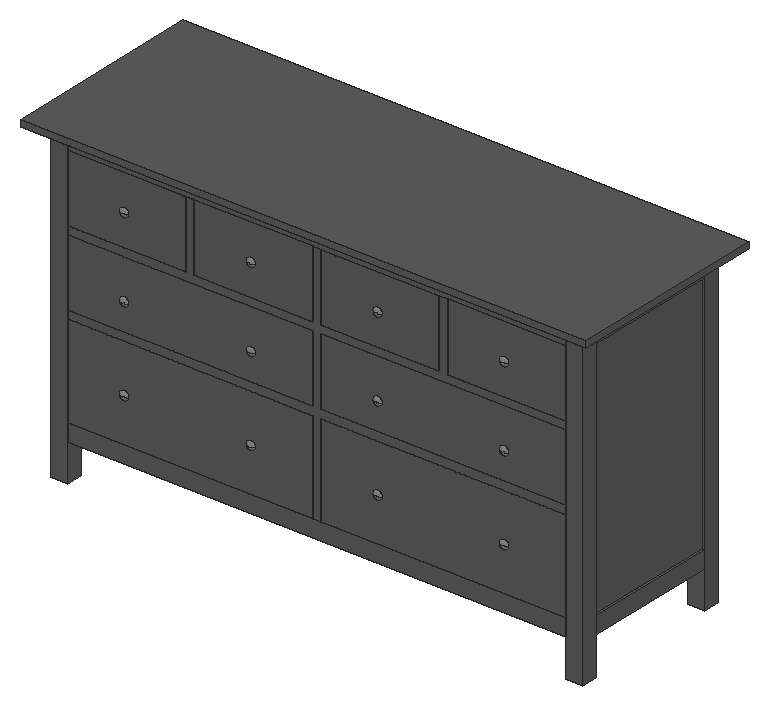
Revit family
Parameters (values of type "Black/Brown Finish")
  URL = "www.ikea.com"
  Model = "Hemnes"
  Manufacturer = "Ikea"
  Knobs = Stainless Steel
  Dresser = Pine - Black/Brown
  Description = "8 Drawer Chest"
  Cost = 299
  Article Number = "501.212.50"
Types (5): name | Dresser | Article Number
  (no name) | Pine - Black/Brown | "501.212.50"
  Black/Brown Finish | Pine - Black/Brown | "501.212.50"
  Grey/Brown Finish | Pine - Grey/Brown | "901.920.30"
  White Finish | Pine - White | "000.678.30"
  Blue Finish | Pine - Blue | "401.805.51"
Reference planes (in)
  plane 1 "Center Front/Back": y = 0
  plane 2: z = 0
  plane 3 "Center Left/Right": x = 0
  plane 4: x = -31.625
  plane 5: y = 10.0625
  plane 6: y = -10.0625
  plane 7: x = -15.0625
  plane 8: x = 15.0625
  plane 9: z = 22
  plane 10: z = 12
  plane 11: z = 31.5
  plane 12: x = 31.625
  plane 13: x = 7.53125
  plane 14: x = 22.59375
  plane 15: x = -7.53125
  plane 16: x = -22.59375
Forms (in)
  Extrusion 1, solid, material "Pine - Black/Brown" <- "Dresser"
    sketch origin (0, 0, 0) x (1, 0, 0) y (0, 1, 0)
      loop
        line (-31.625, 10.0625) -> (-31.625, 8.0625) -> (-29.625, 8.0625) -> (-29.625, 10.0625) -> (-31.625, 10.0625)
      loop
        line (31.625, 10.0625) -> (29.625, 10.0625) -> (29.625, 8.0625) -> (31.625, 8.0625) -> (31.625, 10.0625)
      loop
        line (-31.625, -10.0625) -> (-29.625, -10.0625) -> (-29.625, -8.0625) -> (-31.625, -8.0625) -> (-31.625, -10.0625)
      loop
        line (31.625, -10.0625) -> (31.625, -8.0625) -> (29.625, -8.0625) -> (29.625, -10.0625) -> (31.625, -10.0625)
    from 0 to 37.5
  Extrusion 2, solid, material "Pine - Black/Brown" <- "Dresser"
    sketch origin (0, 0, 37.5) x (1, 0, 0) y (0, 1, 0)
      loop
        line (-33.625, 12.0625) -> (-33.625, -12.0625) -> (33.625, -12.0625) -> (33.625, 12.0625) -> (-33.625, 12.0625)
    from 0 to 0.75
  Extrusion 3, solid, material "Pine - Black/Brown" <- "Dresser"
    sketch origin (-19.625, -10.0625, 0.5) x (-1, 0, 0) y (0, 0, -1)
      loop
        line (10, -4) -> (-49.25, -4) -> (-49.25, -6) -> (10, -6) -> (10, -4)
    from 0 to -2
  Extrusion 4, solid, material "Pine - Black/Brown" <- "Dresser"
    sketch origin (-19.625, -10.0625, 31.5) x (-1, 0, 0) y (0, 0, -1)
      loop
        line (10, -4) -> (-49.25, -4) -> (-49.25, -6) -> (10, -6) -> (10, -4)
    from 0 to -2
  Extrusion 5, solid, material "Pine - Black/Brown" <- "Dresser"
    sketch origin (-29.625, -10.0625, 31.5) x (-1, 0, 0) y (0, 0, -1)
      loop
        line (0, 14) -> (0, 25) -> (-29.125, 25) -> (-29.125, 14) -> (0, 14)
    from 0 to -1
  Extrusion 6, solid, material "Pine - Black/Brown" <- "Dresser"
    sketch origin (31.625, -20.125, 2) x (0, 1, 0) y (0, 0, 1)
      loop
        line (12.0625, 2.5) -> (28.1875, 2.5) -> (28.1875, 4.5) -> (12.0625, 4.5) -> (12.0625, 2.5)
    from 0 to -2
  Extrusion 7, solid, material "Pine - Black/Brown" <- "Dresser"
    sketch origin (31.625, -20.125, 33) x (0, 1, 0) y (0, 0, 1)
      loop
        line (12.0625, 2.5) -> (28.1875, 2.5) -> (28.1875, 4.5) -> (12.0625, 4.5) -> (12.0625, 2.5)
    from 0 to -2
  Extrusion 8, solid, material "Pine - Black/Brown" <- "Dresser"
    sketch origin (-31.625, -20.125, 2) x (0, 1, 0) y (0, 0, -1)
      loop
        line (12.0625, -2.5) -> (12.0625, -4.5) -> (28.1875, -4.5) -> (28.1875, -2.5) -> (12.0625, -2.5)
    from 0 to -2
  Extrusion 9, solid, material "Pine - Black/Brown" <- "Dresser"
    sketch origin (-31.625, -20.125, 33) x (0, 1, 0) y (0, 0, -1)
      loop
        line (12.0625, -2.5) -> (12.0625, -4.5) -> (28.1875, -4.5) -> (28.1875, -2.5) -> (12.0625, -2.5)
    from 0 to -2
  Extrusion 10, solid, material "Pine - Black/Brown" <- "Dresser"
    sketch origin (-19.625, 10.0625, 0.5) x (-1, 0, 0) y (0, 0, 1)
      loop
        line (10, 4) -> (10, 6) -> (-49.25, 6) -> (-49.25, 4) -> (10, 4)
    from 0 to -2
  Extrusion 11, solid, material "Pine - Black/Brown" <- "Dresser"
    sketch origin (-19.625, 10.0625, 31.5) x (-1, 0, 0) y (0, 0, 1)
      loop
        line (10, 4) -> (10, 6) -> (-49.25, 6) -> (-49.25, 4) -> (10, 4)
    from 0 to -2
  Extrusion 12, solid, material "Pine - Black/Brown" <- "Dresser"
    sketch origin (-31.625, -20.125, 2) x (0, 1, 0) y (0, 0, -1)
      loop
        line (28.1875, -35.5) -> (28.1875, -4.5) -> (12.0625, -4.5) -> (12.0625, -35.5) -> (28.1875, -35.5)
    from -0.375 to -1
  Extrusion 13, solid, material "Pine - Black/Brown" <- "Dresser"
    sketch origin (31.625, -20.125, 0) x (0, 1, 0) y (0, 0, 1)
      loop
        line (28.1875, 37.5) -> (12.0625, 37.5) -> (12.0625, 6.5) -> (28.1875, 6.5) -> (28.1875, 37.5)
    from -0.375 to -1
  Extrusion 14, solid, material "Pine - Black/Brown" <- "Dresser"
    sketch origin (0, 0, 0) x (1, 0, 0) y (0, 1, 0)
      loop
        line (-29.625, 8.0625) -> (-29.625, -8.0625) -> (29.625, -8.0625) -> (29.625, 8.0625) -> (-29.625, 8.0625)
    from 4.5 to 5
  Extrusion 15, solid, material "Pine - Black/Brown" <- "Dresser"
    sketch origin (-19.625, 10.0625, 0.5) x (-1, 0, 0) y (0, 0, 1)
      loop
        line (-49.25, 37) -> (-49.25, 6) -> (10, 6) -> (10, 37) -> (-49.25, 37)
    from -0.375 to -1
  Extrusion 16, solid, material "Stainless Steel" <- "Knobs"
    sketch origin (-29.09375, -10.0625, 31.50014) x (-1, 0, 0) y (0, 0, -1)
      loop
        circle (-6.5, 19.5) r 0.125
    from 0 to 0.375
  Revolve 17, solid, material "Stainless Steel" <- "Knobs"
    sketch origin (-2.96286, 2.375, 12) x (1, 0, 0) y (0, 1, 0)
      loop
        line (-19.125, -12.8125) -> (-19.625, -12.8125) -> (-19.625, -13.0625)
        arc (-19.625, -13.0625) -> (-19.34549, -12.99652) -> (-19.125, -12.8125) r 0.625
      axis (-19.625, -12.8125) -> (-19.625, -13.0625)
    angle from 0 to 360
  Extrusion 18, solid, material "Pine - Black/Brown" <- "Dresser"
    sketch origin (-29.625, -10.0625, 22.5) x (-1, 0, 0) y (0, 0, -1)
      loop
        line (0, -4) -> (0, 4) -> (-29.125, 4) -> (-29.125, -4) -> (0, -4)
    from 0 to -1
  Extrusion 19, solid, material "Pine - Black/Brown" <- "Dresser"
    sketch origin (-29.625, -10.0625, 22.5) x (-1, 0, 0) y (0, 0, -1)
      loop
        line (0, 4) -> (0, 5) -> (-29.125, 5) -> (-29.125, 16) -> (-30.125, 16) -> (-30.125, 5) -> (-59.25, 5) -> (-59.25, 4) -> (-30.125, 4) -> (-30.125, -4) -> (-59.25, -4) -> (-59.25, -5) -> (-45.1875, -5) -> (-45.1875, -13) -> (-44.1875, -13) -> (-44.1875, -5) -> (-30.125, -5) -> (-30.125, -13) -> (-29.125, -13) -> (-29.125, -5) -> (-15.0625, -5) -> (-15.0625, -13) -> (-14.0625, -13) -> (-14.0625, -5) -> (0, -5) -> (0, -4) -> (-29.125, -4) -> (-29.125, 4) -> (0, 4)
    from 0 to -2
  Extrusion 20, solid, material "Pine - Black/Brown" <- "Dresser"
    sketch origin (19.625, -10.0625, 35.75) x (1, 0, 0) y (0, 0, 1)
      loop
        line (-5.0625, -0.25) -> (-19.125, -0.25) -> (-19.125, -8.25) -> (-5.0625, -8.25) -> (-5.0625, -0.25)
    from 0 to -1
  Extrusion 21, solid, material "Pine - Black/Brown" <- "Dresser"
    sketch origin (29.625, -10.0625, 31.5) x (1, 0, 0) y (0, 0, 1)
      loop
        line (0, -14) -> (-29.125, -14) -> (-29.125, -25) -> (0, -25) -> (0, -14)
    from 0 to -1
  Extrusion 22, solid, material "Pine - Black/Brown" <- "Dresser"
    sketch origin (29.625, -10.0625, 22.5) x (1, 0, 0) y (0, 0, 1)
      loop
        line (0, 4) -> (-29.125, 4) -> (-29.125, -4) -> (0, -4) -> (0, 4)
    from 0 to -1
  Extrusion 23, solid, material "Pine - Black/Brown" <- "Dresser"
    sketch origin (10.5, -10.0625, 35.75) x (-1, 0, 0) y (0, 0, -1)
      loop
        line (-5.0625, 0.25) -> (-5.0625, 8.25) -> (-19.125, 8.25) -> (-19.125, 0.25) -> (-5.0625, 0.25)
    from 0 to -1
  Extrusion 24, solid, material "Pine - Black/Brown" <- "Dresser"
    sketch origin (-19.625, -10.0625, 35.75) x (-1, 0, 0) y (0, 0, -1)
      loop
        line (-5.0625, 0.25) -> (-5.0625, 8.25) -> (-19.125, 8.25) -> (-19.125, 0.25) -> (-5.0625, 0.25)
    from 0 to -1
  Extrusion 25, solid, material "Pine - Black/Brown" <- "Dresser"
    sketch origin (-10.5, -10.0625, 35.75) x (1, 0, 0) y (0, 0, 1)
      loop
        line (-5.0625, -0.25) -> (-19.125, -0.25) -> (-19.125, -8.25) -> (-5.0625, -8.25) -> (-5.0625, -0.25)
    from 0 to -1
  Extrusion 26, solid, material "Stainless Steel" <- "Knobs"
    sketch origin (-1.03125, -10.0625, 31.50014) x (1, 0, 0) y (0, 0, 1)
      loop
        circle (-6.5, -19.5) r 0.125
    from 0 to 0.375
  Revolve 27, solid, material "Stainless Steel" <- "Knobs"
    sketch origin (-27.16214, 2.375, 12) x (-1, 0, 0) y (0, -1, 0)
      loop
        arc (-19.125, 12.8125) -> (-19.34549, 12.99652) -> (-19.625, 13.0625) r 0.625
        line (-19.625, 13.0625) -> (-19.625, 12.8125) -> (-19.125, 12.8125)
      axis (-19.625, 12.8125) -> (-19.625, 13.0625)
    angle from 0 to 360
  Extrusion 28, solid, material "Stainless Steel" <- "Knobs"
    sketch origin (29.09375, -10.0625, 31.50014) x (1, 0, 0) y (0, 0, 1)
      loop
        circle (-6.5, -19.5) r 0.125
    from 0 to 0.375
  Revolve 29, solid, material "Stainless Steel" <- "Knobs"
    sketch origin (2.96286, 2.375, 12) x (-1, 0, 0) y (0, -1, 0)
      loop
        arc (-19.125, 12.8125) -> (-19.34549, 12.99652) -> (-19.625, 13.0625) r 0.625
        line (-19.625, 13.0625) -> (-19.625, 12.8125) -> (-19.125, 12.8125)
      axis (-19.625, 12.8125) -> (-19.625, 13.0625)
    angle from 0 to 360
  Extrusion 30, solid, material "Stainless Steel" <- "Knobs"
    sketch origin (1.03125, -10.0625, 31.50014) x (-1, 0, 0) y (0, 0, -1)
      loop
        circle (-6.5, 19.5) r 0.125
    from 0 to 0.375
  Revolve 31, solid, material "Stainless Steel" <- "Knobs"
    sketch origin (27.16214, 2.375, 12) x (1, 0, 0) y (0, 1, 0)
      loop
        line (-19.125, -12.8125) -> (-19.625, -12.8125) -> (-19.625, -13.0625)
        arc (-19.625, -13.0625) -> (-19.34549, -12.99652) -> (-19.125, -12.8125) r 0.625
      axis (-19.625, -12.8125) -> (-19.625, -13.0625)
    angle from 0 to 360
  Extrusion 32, solid, material "Stainless Steel" <- "Knobs"
    sketch origin (-29.09375, -10.0625, 41.50014) x (-1, 0, 0) y (0, 0, -1)
      loop
        circle (-6.5, 19.5) r 0.125
    from 0 to 0.375
  Revolve 33, solid, material "Stainless Steel" <- "Knobs"
    sketch origin (-2.96286, 2.375, 22) x (1, 0, 0) y (0, 1, 0)
      loop
        line (-19.125, -12.8125) -> (-19.625, -12.8125) -> (-19.625, -13.0625)
        arc (-19.625, -13.0625) -> (-19.34549, -12.99652) -> (-19.125, -12.8125) r 0.625
      axis (-19.625, -12.8125) -> (-19.625, -13.0625)
    angle from 0 to 360
  Extrusion 34, solid, material "Stainless Steel" <- "Knobs"
    sketch origin (-1.03125, -10.0625, 41.50014) x (1, 0, 0) y (0, 0, 1)
      loop
        circle (-6.5, -19.5) r 0.125
    from 0 to 0.375
  Revolve 35, solid, material "Stainless Steel" <- "Knobs"
    sketch origin (-27.16214, 2.375, 22) x (-1, 0, 0) y (0, -1, 0)
      loop
        arc (-19.125, 12.8125) -> (-19.34549, 12.99652) -> (-19.625, 13.0625) r 0.625
        line (-19.625, 13.0625) -> (-19.625, 12.8125) -> (-19.125, 12.8125)
      axis (-19.625, 12.8125) -> (-19.625, 13.0625)
    angle from 0 to 360
  Extrusion 36, solid, material "Stainless Steel" <- "Knobs"
    sketch origin (29.09375, -10.0625, 41.50014) x (1, 0, 0) y (0, 0, 1)
      loop
        circle (-6.5, -19.5) r 0.125
    from 0 to 0.375
  Revolve 37, solid, material "Stainless Steel" <- "Knobs"
    sketch origin (2.96286, 2.375, 22) x (-1, 0, 0) y (0, -1, 0)
      loop
        arc (-19.125, 12.8125) -> (-19.34549, 12.99652) -> (-19.625, 13.0625) r 0.625
        line (-19.625, 13.0625) -> (-19.625, 12.8125) -> (-19.125, 12.8125)
      axis (-19.625, 12.8125) -> (-19.625, 13.0625)
    angle from 0 to 360
  Extrusion 38, solid, material "Stainless Steel" <- "Knobs"
    sketch origin (1.03125, -10.0625, 41.50014) x (-1, 0, 0) y (0, 0, -1)
      loop
        circle (-6.5, 19.5) r 0.125
    from 0 to 0.375
  Revolve 39, solid, material "Stainless Steel" <- "Knobs"
    sketch origin (27.16214, 2.375, 22) x (1, 0, 0) y (0, 1, 0)
      loop
        line (-19.125, -12.8125) -> (-19.625, -12.8125) -> (-19.625, -13.0625)
        arc (-19.625, -13.0625) -> (-19.34549, -12.99652) -> (-19.125, -12.8125) r 0.625
      axis (-19.625, -12.8125) -> (-19.625, -13.0625)
    angle from 0 to 360
  Extrusion 40, solid, material "Stainless Steel" <- "Knobs"
    sketch origin (-29.09375, -10.0625, 51.00014) x (-1, 0, 0) y (0, 0, -1)
      loop
        circle (-6.5, 19.5) r 0.125
    from 0 to 0.375
  Revolve 41, solid, material "Stainless Steel" <- "Knobs"
    sketch origin (-2.96286, 2.375, 31.5) x (1, 0, 0) y (0, 1, 0)
      loop
        line (-19.125, -12.8125) -> (-19.625, -12.8125) -> (-19.625, -13.0625)
        arc (-19.625, -13.0625) -> (-19.34549, -12.99652) -> (-19.125, -12.8125) r 0.625
      axis (-19.625, -12.8125) -> (-19.625, -13.0625)
    angle from 0 to 360
  Extrusion 42, solid, material "Stainless Steel" <- "Knobs"
    sketch origin (-1.03125, -10.0625, 51.00014) x (1, 0, 0) y (0, 0, 1)
      loop
        circle (-6.5, -19.5) r 0.125
    from 0 to 0.375
  Revolve 43, solid, material "Stainless Steel" <- "Knobs"
    sketch origin (-27.16214, 2.375, 31.5) x (-1, 0, 0) y (0, -1, 0)
      loop
        arc (-19.125, 12.8125) -> (-19.34549, 12.99652) -> (-19.625, 13.0625) r 0.625
        line (-19.625, 13.0625) -> (-19.625, 12.8125) -> (-19.125, 12.8125)
      axis (-19.625, 12.8125) -> (-19.625, 13.0625)
    angle from 0 to 360
  Extrusion 44, solid, material "Stainless Steel" <- "Knobs"
    sketch origin (29.09375, -10.0625, 51.00014) x (1, 0, 0) y (0, 0, 1)
      loop
        circle (-6.5, -19.5) r 0.125
    from 0 to 0.375
  Revolve 45, solid, material "Stainless Steel" <- "Knobs"
    sketch origin (2.96286, 2.375, 31.5) x (-1, 0, 0) y (0, -1, 0)
      loop
        arc (-19.125, 12.8125) -> (-19.34549, 12.99652) -> (-19.625, 13.0625) r 0.625
        line (-19.625, 13.0625) -> (-19.625, 12.8125) -> (-19.125, 12.8125)
      axis (-19.625, 12.8125) -> (-19.625, 13.0625)
    angle from 0 to 360
  Extrusion 46, solid, material "Stainless Steel" <- "Knobs"
    sketch origin (1.03125, -10.0625, 51.00014) x (-1, 0, 0) y (0, 0, -1)
      loop
        circle (-6.5, 19.5) r 0.125
    from 0 to 0.375
  Revolve 47, solid, material "Stainless Steel" <- "Knobs"
    sketch origin (27.16214, 2.375, 31.5) x (1, 0, 0) y (0, 1, 0)
      loop
        line (-19.125, -12.8125) -> (-19.625, -12.8125) -> (-19.625, -13.0625)
        arc (-19.625, -13.0625) -> (-19.34549, -12.99652) -> (-19.125, -12.8125) r 0.625
      axis (-19.625, -12.8125) -> (-19.625, -13.0625)
    angle from 0 to 360
Dimensions and locks (in)
  aligned and locked: level to plane 2
